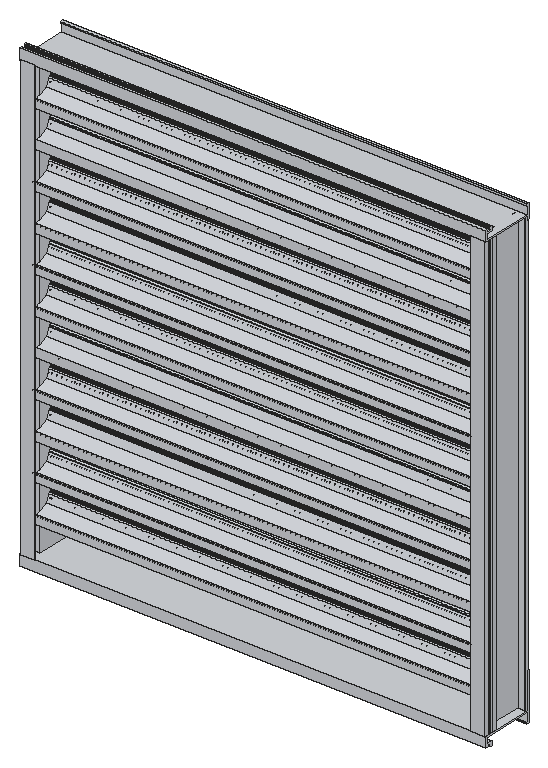
Revit family "DCFL-D-4", category Mechanical Equipment, Revit 2015
Parameters
  URL = "http://unitedenertech.com/catalog/pdf/A_21%20DCFLD4.pdf"
  Type Comments = "Max. Single Section Size is (72\"w  x  72\"h)"
  Number of Blades [instance] = rounddown((Exact Height - 0' 1 3/4") / Blade Spacing)  # 11
  Model = "DCFL-D-4"
  Manufacturer = "United Enertech Corporation"
  Exact Width = 3' - 0"
  Exact Height = 3' - 0"
  Description = "4\" Deep Hurricane Louver"
  Depth = 0' - 4.162"
  Blade Spacing = 0' - 2.88"
  BW [instance] = Exact Width - 0' 1 11/16"  # 2' - 10 5/16"
Reference planes (in)
  plane 1 "Center (Front/Back)": y = 0
  plane 2: z = 0
  plane 3 "Center (Left/Right)": x = 0
  plane 4: x = 36
  plane 5: y = 4.162
  plane 6: z = 36
  plane 7: x = 18
  plane 8: x = 0.834
  plane 9: x = 35.166
  plane 10: z = 35.125
  plane 11: z = 0.875
Forms (in)
  Extrusion 1, solid
    sketch origin (0, 5.41283, 10.13547) x (0, 0, -1) y (0, 1, 0)
      loop
        line (10.13547, -4.83183) -> (9.81047, -4.83183) -> (9.81047, -5.33183) -> (9.34147, -5.33183) -> (9.34147, -1.33183) -> (10.05447, -1.33183) -> (10.05447, -1.43883) -> (10.13547, -1.43883) -> (10.13547, -1.25083) -> (6.46047, -1.25083) -> (6.46047, -1.33183) -> (9.26047, -1.33183) -> (9.26047, -5.41283) -> (10.06047, -5.41283) -> (10.06047, -5.19483) -> (9.97947, -5.19483) -> (9.97947, -5.33183) -> (9.89147, -5.33183) -> (9.89147, -4.91283) -> (9.97947, -4.91283) -> (9.97947, -4.97583) -> (10.06047, -4.97583) -> (10.06047, -4.91283) -> (10.13547, -4.91283) -> (10.13547, -4.83183)
    from 0 to 36
  Extrusion 2, solid
    sketch origin (0, -23.24382, 44.20622) x (0, 1, 0) y (0, 0, 1)
      loop
        line (23.74382, -8.20622) -> (23.74382, -8.28122) -> (23.68082, -8.28122) -> (23.68082, -8.36222) -> (23.74382, -8.36222) -> (23.74382, -8.45022) -> (23.32482, -8.45022) -> (23.32482, -8.36222) -> (23.46182, -8.36222) -> (23.46182, -8.28122) -> (23.24382, -8.28122) -> (23.24382, -9.08122) -> (27.32482, -9.08122) -> (27.32482, -9.33122) -> (27.40582, -9.33122) -> (27.40582, -8.20622) -> (27.21782, -8.20622) -> (27.21782, -8.28722) -> (27.32482, -8.28722) -> (27.32482, -9.00022) -> (23.32482, -9.00022) -> (23.32482, -8.53122) -> (23.82482, -8.53122) -> (23.82482, -8.20622) -> (23.74382, -8.20622)
    from 0 to 36
  Extrusion 3, solid
    sketch origin (-8.88505, 11.19335, 0) x (1, 0, 0) y (0, 1, 0)
      loop
        line (10.01005, -11.11235) -> (9.71905, -11.11235) -> (9.71905, -11.00535) -> (9.63805, -11.00535) -> (9.63805, -11.11235) -> (9.18105, -11.11235) -> (9.18105, -10.61235) -> (9.01205, -10.61235) -> (9.01205, -10.27435) -> (9.71905, -10.27435) -> (9.71905, -7.16235) -> (10.01005, -7.16235) -> (10.01005, -7.11235) -> (8.88505, -7.11235) -> (8.88505, -7.30035) -> (8.96605, -7.30035) -> (8.96605, -7.19335) -> (9.63805, -7.19335) -> (9.63805, -10.19335) -> (8.93105, -10.19335) -> (8.93105, -10.61235) -> (8.88505, -10.61235) -> (8.88505, -10.69335) -> (8.93105, -10.69335) -> (8.93105, -10.75535) -> (9.01205, -10.75535) -> (9.01205, -10.69335) -> (9.10005, -10.69335) -> (9.10005, -11.11235) -> (9.01205, -11.11235) -> (9.01205, -10.97435) -> (8.93105, -10.97435) -> (8.93105, -11.19335) -> (10.01005, -11.19335) -> (10.01005, -11.11235)
    from 0.875 to 35.125
  Extrusion 4, solid
    sketch origin (58.3602, 6.89713, 0) x (-1, 0, 0) y (0, -1, 0)
      loop
        line (23.4852, 2.81613) -> (23.4852, 2.86613) -> (23.1942, 2.86613) -> (23.1942, 5.97813) -> (22.4872, 5.97813) -> (22.4872, 6.31613) -> (22.6562, 6.31613) -> (22.6562, 6.81613) -> (23.1132, 6.81613) -> (23.1132, 6.70913) -> (23.1942, 6.70913) -> (23.1942, 6.81613) -> (23.4852, 6.81613) -> (23.4852, 6.89713) -> (22.4062, 6.89713) -> (22.4062, 6.67813) -> (22.4872, 6.67813) -> (22.4872, 6.81613) -> (22.5752, 6.81613) -> (22.5752, 6.39713) -> (22.4872, 6.39713) -> (22.4872, 6.45913) -> (22.4062, 6.45913) -> (22.4062, 6.39713) -> (22.3602, 6.39713) -> (22.3602, 6.31613) -> (22.4062, 6.31613) -> (22.4062, 5.89713) -> (23.1132, 5.89713) -> (23.1132, 2.89713) -> (22.4412, 2.89713) -> (22.4412, 3.00413) -> (22.3602, 3.00413) -> (22.3602, 2.81613) -> (23.4852, 2.81613)
    from 0.875 to 35.125
Dimensions and locks (in)
  "Exact Width": plane 3 "Center (Left/Right)" to plane 4
  "Depth": plane 5 to plane 1 "Center (Front/Back)"  (x2)
  "Exact Width": plane 4 to plane 3 "Center (Left/Right)"
  equal spacing: plane 3 "Center (Left/Right)", plane 7, plane 4
  locked: plane 3 "Center (Left/Right)" to plane 8 at 0.834
  locked: plane 9 to plane 4 at 0.834
  "Exact Height": plane 6 to level
  locked: plane 11 to level at 0.875
  locked: plane 6 to plane 10 at 0.875
  equal spacing: group 1, group 2, group 3, group 4, group 5, group 6, group 7, group 8, group 9, group 10, group 11  (x2)
  equal spacing: group 11, group 10, group 9, group 8, group 7, group 6, group 5, group 4, group 3, group 2, group 1
  "Blade Spacing": nested 2 to nested 1
  aligned and locked: level to plane 2
  aligned and locked: level to Extrusion 1
  aligned and locked: plane 5 to Extrusion 1
  aligned and locked: plane 4 to Extrusion 1
  aligned and locked: Extrusion 1 to plane 3 "Center (Left/Right)"
  aligned and locked: plane 6 to Extrusion 2  (x2)
  aligned and locked: Extrusion 2 to plane 3 "Center (Left/Right)"
  aligned and locked: plane 4 to Extrusion 2
  aligned and locked: Extrusion 3 to plane 11
  aligned and locked: plane 10 to Extrusion 3
  aligned and locked: Extrusion 3 to Extrusion 3  (x3)
  aligned and locked: Extrusion 4 to plane 11
  aligned and locked: plane 10 to Extrusion 4
  aligned and locked: plane 4 to Extrusion 4
  aligned and locked: Extrusion 3 to Extrusion 2
  aligned and locked: Extrusion 4 to Extrusion 2
  aligned and locked: Extrusion 2 to plane 10
  aligned and locked: nested 1 to Extrusion 2
  aligned and locked: plane 7 to nested 1
  aligned and locked: nested 2 to nested 1
Automatic sketch dimensions
  Extrusion 1 sketch curve to plane 5 = 0' - 0"
  plane 11 to Extrusion 1 sketch curve = 0' - 0"
  Extrusion 1 sketch curve to plane 1 "Center (Front/Back)" = 0' - 0"
  Extrusion 1 sketch curve to level = 0' - 0"  (x2)
  plane 11 to Extrusion 1 sketch curve = 0' - 2.8"
  Extrusion 1 sketch curve to Extrusion 1 sketch curve = 0' - 0.081"  (x3)
  level to Extrusion 1 sketch curve = 0' - 0.325"
  Extrusion 1 sketch curve to Extrusion 1 sketch curve = 0' - 0.088"  (x2)
  level to Extrusion 1 sketch curve = 0' - 0.081"
  level to Extrusion 1 sketch curve = 0' - 0.075"  (x2)
  Extrusion 1 sketch curve to plane 1 "Center (Front/Back)" = 0' - 0.081"  (x2)
  Extrusion 1 sketch curve to Extrusion 1 sketch curve = 0' - 0.137"
  Extrusion 1 sketch curve to Extrusion 1 sketch curve = 0' - 0.219"
  Extrusion 1 sketch curve to Extrusion 1 sketch curve = 0' - 0.063"  (x2)
  Extrusion 1 sketch curve to plane 5 = 0' - 0.188"
  Extrusion 1 sketch curve to plane 5 = 0' - 0.081"
  Extrusion 1 sketch curve to Extrusion 1 sketch curve = 0' - 0"
  Extrusion 2 sketch curve to plane 1 "Center (Front/Back)" = 0' - 0"
  Extrusion 2 sketch curve to plane 6 = 0' - 0"  (x2)
  plane 10 to Extrusion 2 sketch curve = 0' - 0"
  Extrusion 2 sketch curve to plane 5 = 0' - 0"
  Extrusion 2 sketch curve to plane 1 "Center (Front/Back)" = 0' - 0.081"  (x2)
  Extrusion 2 sketch curve to Extrusion 2 sketch curve = 0' - 0.137"
  Extrusion 2 sketch curve to plane 6 = 0' - 0.075"  (x2)
  Extrusion 2 sketch curve to Extrusion 2 sketch curve = 0' - 0.219"
  Extrusion 2 sketch curve to Extrusion 2 sketch curve = 0' - 0.063"  (x2)
  Extrusion 2 sketch curve to Extrusion 2 sketch curve = 0' - 0.081"  (x3)
  Extrusion 2 sketch curve to plane 5 = 0' - 0.188"
  Extrusion 2 sketch curve to plane 5 = 0' - 0.081"
  Extrusion 2 sketch curve to Extrusion 2 sketch curve = 0' - 0"
  Extrusion 2 sketch curve to Extrusion 2 sketch curve = 0' - 0 1/4"  (x2)
  plane 10 to Extrusion 2 sketch curve = 0' - 0.081"
  Extrusion 2 sketch curve to Extrusion 2 sketch curve = 0' - 0.088"
  Extrusion 2 sketch curve to plane 6 = 0' - 0.081"
  Extrusion 3 sketch curve to plane 3 "Center (Left/Right)" = 0' - 0"  (x2)
  plane 1 "Center (Front/Back)" to Extrusion 3 sketch curve = 0' - 0"
  Extrusion 3 sketch curve to plane 8 = 0' - 0"  (x2)
  Extrusion 3 sketch curve to Extrusion 3 sketch curve = 0' - 0.046"  (x2)
  plane 3 "Center (Left/Right)" to Extrusion 3 sketch curve = 0' - 0.046"
  plane 3 "Center (Left/Right)" to Extrusion 3 sketch curve = 0' - 0.081"
  Extrusion 3 sketch curve to Extrusion 3 sketch curve = 0' - 0.081"  (x8)
  Extrusion 3 sketch curve to Extrusion 3 sketch curve = 0' - 0.088"
  plane 8 to Extrusion 3 sketch curve = 0' - 0.081"
  Extrusion 3 sketch curve to plane 1 "Center (Front/Back)" = 0' - 0.081"  (x3)
  Extrusion 3 sketch curve to plane 8 = 0' - 0.291"  (x2)
  Extrusion 3 sketch curve to plane 5 = 0' - 0.131"
  Extrusion 3 sketch curve to Extrusion 3 sketch curve = 0' - 0.107"  (x2)
  Extrusion 3 sketch curve to Extrusion 3 sketch curve = 0' - 0.138"
  Extrusion 3 sketch curve to Extrusion 3 sketch curve = 0' - 0.219"
  Extrusion 3 sketch curve to Extrusion 3 sketch curve = 0' - 0.062"  (x2)
  Extrusion 3 sketch curve to Extrusion 3 sketch curve = 0' - 0.338"
  Extrusion 3 sketch curve to plane 5 = 0' - 0.269"
  Extrusion 3 sketch curve to plane 5 = 0' - 0.081"
  plane 1 "Center (Front/Back)" to Extrusion 4 sketch curve = 0' - 4.081"
  Extrusion 4 sketch curve to plane 7 = 1' - 6"
  Extrusion 4 sketch curve to Extrusion 4 sketch curve = 0' - 0"  (x4)
  Extrusion 4 sketch curve to Extrusion 4 sketch curve = 0' - 0.046"  (x3)
  Extrusion 4 sketch curve to Extrusion 4 sketch curve = 0' - 0.081"  (x10)
  Extrusion 4 sketch curve to Extrusion 4 sketch curve = 0' - 0.088"
  Extrusion 4 sketch curve to Extrusion 4 sketch curve = 0' - 0.457"  (x2)
  Extrusion 4 sketch curve to Extrusion 4 sketch curve = 0' - 0.291"  (x2)
  Extrusion 4 sketch curve to Extrusion 4 sketch curve = 0' - 0.05"
  Extrusion 4 sketch curve to Extrusion 4 sketch curve = 0' - 0.031"
  Extrusion 4 sketch curve to Extrusion 4 sketch curve = 0' - 0.107"  (x2)
  Extrusion 4 sketch curve to Extrusion 4 sketch curve = 0' - 2.893"
  Extrusion 4 sketch curve to Extrusion 4 sketch curve = 0' - 0.338"
  Extrusion 4 sketch curve to Extrusion 4 sketch curve = 0' - 0.062"
  Extrusion 4 sketch curve to Extrusion 4 sketch curve = 0' - 0.219"
  Extrusion 4 sketch curve to Extrusion 4 sketch curve = 0' - 0.393"
  Extrusion 4 sketch curve to Extrusion 4 sketch curve = 0' - 0.138"
Nested families (in)
  nested 1: "FL-D-4 Blade" at (18, 0.3493, 15.61688), type "FL-D-4 Blade"
    with Blade Width 2' - 10 5/16"
  nested 2: "FL-D-4 Blade" at (18, 0.3493, 12.73688), type "FL-D-4 Blade"
    with Blade Width 2' - 10 5/16"
  nested 3: "FL-D-4 Blade" at (18, 0.3493, 9.85688), type "FL-D-4 Blade"
    with Blade Width 2' - 10 5/16"
  nested 4: "FL-D-4 Blade" at (18, 0.3493, 6.97688), type "FL-D-4 Blade"
    with Blade Width 2' - 10 5/16"
  nested 5: "FL-D-4 Blade" at (18, 0.3493, 4.09688), type "FL-D-4 Blade"
    with Blade Width 2' - 10 5/16"
  nested 6: "FL-D-4 Blade" at (18, 0.3493, 1.21688), type "FL-D-4 Blade"
    with Blade Width 2' - 10 5/16"
  nested 7: "FL-D-4 Blade" at (18, 0.3493, -1.66312), type "FL-D-4 Blade"
    with Blade Width 2' - 10 5/16"
  nested 8: "FL-D-4 Blade" at (18, 0.3493, -4.54312), type "FL-D-4 Blade"
    with Blade Width 2' - 10 5/16"
  nested 9: "FL-D-4 Blade" at (18, 0.3493, -7.42312), type "FL-D-4 Blade"
    with Blade Width 2' - 10 5/16"
  nested 10: "FL-D-4 Blade" at (18, 0.3493, -10.30312), type "FL-D-4 Blade"
    with Blade Width 2' - 10 5/16"
  nested 11: "FL-D-4 Blade" at (18, 0.3493, -13.18312), type "FL-D-4 Blade"
    with Blade Width 2' - 10 5/16"
Definition of nested family "FL-D-4 Blade"
  Parameters (values of type "FL-D-4 Blade")
    Blade Width = 4' - 6.19815"
  Reference planes (in)
    plane 1 "Center (Front/Back)": y = 0
    plane 2: z = 0
    plane 3 "Center (Left/Right)": x = 0
    plane 4: x = -27.09907
    plane 5: x = 27.09907
  Forms (in)
    Extrusion 1, solid
      sketch origin (-11.24135, 0, 24.75865) x (0, 0, -1) y (0, 1, 0)
        loop
          line (5.33614, 3.35356) -> (5.33614, 3.53626) -> (6.62642, 2.30569) -> (6.7468, 1.60406) -> (6.76429, 1.54071) -> (6.81533, 1.45231) -> (6.86923, 1.39922) -> (6.94907, 1.35312) -> (7.47705, 1.13985) -> (8.13612, -0.1873) -> (7.75527, -0.1873) -> (7.88248, -0.04929) -> (7.82292, 0.00561) -> (7.57046, -0.2683) -> (8.26678, -0.2683) -> (7.53854, 1.20237) -> (7.18055, 1.34698) -> (7.29039, 1.41039) -> (7.32267, 1.44268) -> (7.38609, 1.55251) -> (7.39841, 1.59925) -> (7.40403, 1.66003) -> (7.39045, 1.75389) -> (7.35969, 1.82553) -> (7.31418, 1.88677) -> (7.29077, 1.91167) -> (7.23064, 1.8693) -> (7.25517, 1.83128) -> (7.30413, 1.75539) -> (7.32085, 1.69299) -> (7.32085, 1.62706) -> (7.30413, 1.56467) -> (7.27117, 1.50757) -> (7.22549, 1.4619) -> (7.1684, 1.42893) -> (7.106, 1.41221) -> (7.04007, 1.41221) -> (6.97767, 1.42893) -> (6.92058, 1.4619) -> (6.8749, 1.50757) -> (6.84194, 1.56467) -> (6.82522, 1.62706) -> (6.82522, 1.69299) -> (6.84194, 1.75539) -> (6.8749, 1.81249) -> (6.92058, 1.85816) -> (6.99971, 1.90121) -> (6.97998, 1.97485) -> (6.93893, 1.96265) -> (6.87801, 1.92748) -> (6.81171, 1.86318) -> (6.78995, 1.83157) -> (6.70172, 2.34581) -> (5.25053, 3.72984) -> (5.25053, 3.35356) -> (5.33614, 3.35356)
      from -15.85773 to 38.34042
  Dimensions and locks (in)
    equal spacing: plane 5, plane 3 "Center (Left/Right)", plane 4
    "Blade Width": plane 5 to plane 4
    aligned and locked: level to plane 2
    aligned and locked: plane 5 to Extrusion 1
    aligned and locked: Extrusion 1 to plane 4
  Automatic sketch dimensions
    Extrusion 1 sketch curve to plane 1 "Center (Front/Back)" = 0' - 3.35356"
    level to Extrusion 1 sketch curve = 1' - 7.50812"
    Extrusion 1 sketch curve to Extrusion 1 sketch curve = 0' - 0.08561"
    Extrusion 1 sketch curve to plane 1 "Center (Front/Back)" = 0' - 2.30569"
    Extrusion 1 sketch curve to Extrusion 1 sketch curve = 0' - 1.29028"
    Extrusion 1 sketch curve to plane 1 "Center (Front/Back)" = 0' - 2.34581"
    Extrusion 1 sketch curve to Extrusion 1 sketch curve = 0' - 0.0753"
    Extrusion 1 sketch curve to plane 1 "Center (Front/Back)" = 0' - 1.60406"
    Extrusion 1 sketch curve to Extrusion 1 sketch curve = 0' - 0.12038"
    Extrusion 1 sketch curve to plane 1 "Center (Front/Back)" = 0' - 1.54071"
    Extrusion 1 sketch curve to Extrusion 1 sketch curve = 0' - 0.01749"
    Extrusion 1 sketch curve to plane 1 "Center (Front/Back)" = 0' - 1.83157"
    Extrusion 1 sketch curve to Extrusion 1 sketch curve = 0' - 0.04315"
    Extrusion 1 sketch curve to plane 1 "Center (Front/Back)" = 0' - 1.86318"
    Extrusion 1 sketch curve to Extrusion 1 sketch curve = 0' - 0.02176"
    Extrusion 1 sketch curve to plane 1 "Center (Front/Back)" = 0' - 1.45231"
    Extrusion 1 sketch curve to Extrusion 1 sketch curve = 0' - 0.05104"
    Extrusion 1 sketch curve to Extrusion 1 sketch curve = 0' - 0.07842"
    Extrusion 1 sketch curve to plane 1 "Center (Front/Back)" = 0' - 1.75539"  (x2)
    Extrusion 1 sketch curve to Extrusion 1 sketch curve = 0' - 0.01672"  (x3)
    Extrusion 1 sketch curve to plane 1 "Center (Front/Back)" = 0' - 1.56467"  (x2)
    Extrusion 1 sketch curve to plane 1 "Center (Front/Back)" = 0' - 1.39922"
    Extrusion 1 sketch curve to Extrusion 1 sketch curve = 0' - 0.0539"
    Extrusion 1 sketch curve to plane 1 "Center (Front/Back)" = 0' - 1 13/16"
    Extrusion 1 sketch curve to Extrusion 1 sketch curve = 0' - 0.03296"  (x3)
    Extrusion 1 sketch curve to plane 1 "Center (Front/Back)" = 0' - 1.50757"  (x2)
    Extrusion 1 sketch curve to plane 1 "Center (Front/Back)" = 0' - 1.92748"
    Extrusion 1 sketch curve to Extrusion 1 sketch curve = 0' - 0.06631"
    Extrusion 1 sketch curve to plane 1 "Center (Front/Back)" = 0' - 1.85816"
    Extrusion 1 sketch curve to Extrusion 1 sketch curve = 0' - 0.04568"  (x3)
    Extrusion 1 sketch curve to plane 1 "Center (Front/Back)" = 0' - 1.4619"  (x2)
    Extrusion 1 sketch curve to plane 1 "Center (Front/Back)" = 0' - 1.96265"
    Extrusion 1 sketch curve to Extrusion 1 sketch curve = 0' - 0.06091"
    Extrusion 1 sketch curve to plane 1 "Center (Front/Back)" = 0' - 1.35312"
    Extrusion 1 sketch curve to Extrusion 1 sketch curve = 0' - 0.07984"
    Extrusion 1 sketch curve to plane 1 "Center (Front/Back)" = 0' - 1.42893"  (x2)
    Extrusion 1 sketch curve to Extrusion 1 sketch curve = 0' - 0.0571"  (x2)
    Extrusion 1 sketch curve to plane 1 "Center (Front/Back)" = 0' - 1.97485"
    Extrusion 1 sketch curve to Extrusion 1 sketch curve = 0' - 0.04106"
    Extrusion 1 sketch curve to plane 1 "Center (Front/Back)" = 0' - 1.90121"
    Extrusion 1 sketch curve to Extrusion 1 sketch curve = 0' - 0.01973"
    Extrusion 1 sketch curve to plane 1 "Center (Front/Back)" = 0' - 1.41221"
    Extrusion 1 sketch curve to Extrusion 1 sketch curve = 0' - 0.0624"  (x5)
    Extrusion 1 sketch curve to Extrusion 1 sketch curve = 0' - 0.06593"
    Extrusion 1 sketch curve to plane 1 "Center (Front/Back)" = 0' - 1.34698"
    Extrusion 1 sketch curve to Extrusion 1 sketch curve = 0' - 0.01215"
    Extrusion 1 sketch curve to plane 1 "Center (Front/Back)" = 0' - 1.8693"
    Extrusion 1 sketch curve to Extrusion 1 sketch curve = 0' - 0.23092"
    Extrusion 1 sketch curve to plane 1 "Center (Front/Back)" = 0' - 1.83128"
    Extrusion 1 sketch curve to Extrusion 1 sketch curve = 0' - 0.02453"
    Extrusion 1 sketch curve to plane 1 "Center (Front/Back)" = 0' - 1.41039"
    Extrusion 1 sketch curve to Extrusion 1 sketch curve = 0' - 0.0649"
    Extrusion 1 sketch curve to plane 1 "Center (Front/Back)" = 0' - 1.91167"
    Extrusion 1 sketch curve to Extrusion 1 sketch curve = 0' - 0.06013"
    Extrusion 1 sketch curve to Extrusion 1 sketch curve = 0' - 0.04897"
    Extrusion 1 sketch curve to plane 1 "Center (Front/Back)" = 0' - 1.88677"
    Extrusion 1 sketch curve to Extrusion 1 sketch curve = 0' - 0.02341"
    Extrusion 1 sketch curve to plane 1 "Center (Front/Back)" = 0' - 1.69299"
    Extrusion 1 sketch curve to plane 1 "Center (Front/Back)" = 0' - 1.44268"
    Extrusion 1 sketch curve to Extrusion 1 sketch curve = 0' - 0.03228"
    Extrusion 1 sketch curve to plane 1 "Center (Front/Back)" = 0' - 1.82553"
    Extrusion 1 sketch curve to Extrusion 1 sketch curve = 0' - 0.04551"
    Extrusion 1 sketch curve to plane 1 "Center (Front/Back)" = 0' - 1.55251"
    Extrusion 1 sketch curve to Extrusion 1 sketch curve = 0' - 0.08195"
    Extrusion 1 sketch curve to plane 1 "Center (Front/Back)" = 0' - 1 193/256"
    Extrusion 1 sketch curve to Extrusion 1 sketch curve = 0' - 0.03076"
    Extrusion 1 sketch curve to plane 1 "Center (Front/Back)" = 0' - 1.59925"
    Extrusion 1 sketch curve to Extrusion 1 sketch curve = 0' - 0.01232"
    Extrusion 1 sketch curve to plane 1 "Center (Front/Back)" = 0' - 1.66003"
    Extrusion 1 sketch curve to Extrusion 1 sketch curve = 0' - 0.00563"
    Extrusion 1 sketch curve to plane 1 "Center (Front/Back)" = 0' - 1.13985"
    Extrusion 1 sketch curve to Extrusion 1 sketch curve = 0' - 0.18667"
    Extrusion 1 sketch curve to plane 1 "Center (Front/Back)" = 0' - 1.20237"
    Extrusion 1 sketch curve to Extrusion 1 sketch curve = 0' - 0.06149"
    plane 1 "Center (Front/Back)" to Extrusion 1 sketch curve = 0' - 0.2683"
    Extrusion 1 sketch curve to Extrusion 1 sketch curve = 0' - 0.09341"
    plane 1 "Center (Front/Back)" to Extrusion 1 sketch curve = 0' - 0.1873"
    Extrusion 1 sketch curve to Extrusion 1 sketch curve = 0' - 0.18481"
    Extrusion 1 sketch curve to plane 1 "Center (Front/Back)" = 0' - 0.00561"
    Extrusion 1 sketch curve to Extrusion 1 sketch curve = 0' - 0.06764"
    Extrusion 1 sketch curve to Extrusion 1 sketch curve = 0' - 0.25364"
    Extrusion 1 sketch curve to Extrusion 1 sketch curve = 0' - 0.13066"
    Extrusion 1 sketch curve to Extrusion 1 sketch curve = 0' - 0.1827"
    Extrusion 1 sketch curve to Extrusion 1 sketch curve = 0' - 0.19358"
